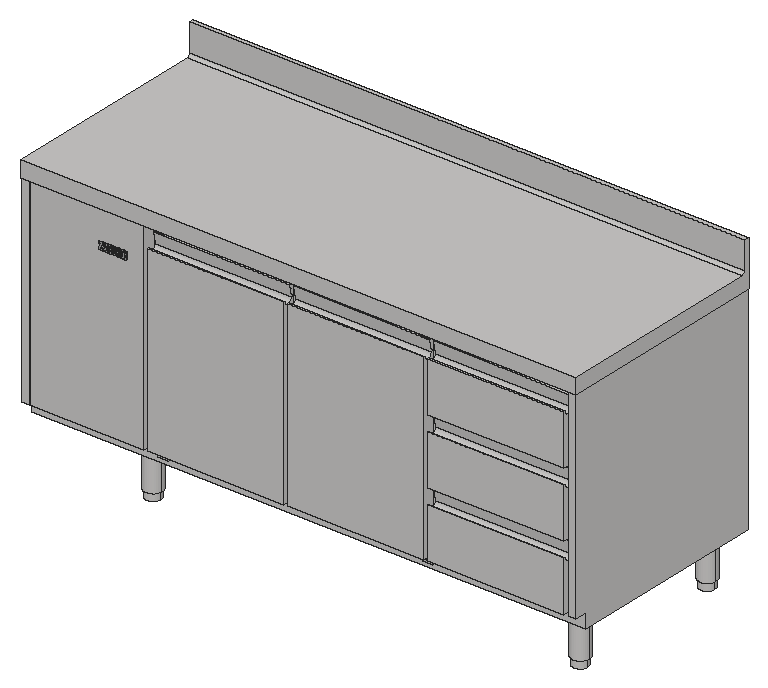
Revit family "QF_ZANUSSI_111044_ZH3H3AAC", category Specialty Equipment, Revit 2018 (continued)
Definition of nested family "ZAN_Cooling Unit"
  Lines and regions (mm)
    Split face 121
      outline origin (55.016, 2, -197.115) x (0, 0, 1) y (-1, 0, 0)
        loop
          line (510.649, 116.535) -> (510.649, 158.547)
    Split face 122
      outline origin (55.016, 2, -209.119) x (0, 0, 1) y (-1, 0, 0)
        loop
          arc (510.649, 158.547) -> (506.648, 162.548) -> (502.647, 158.547) r 4.001
          line (502.647, 158.547) -> (502.647, 116.535)
          arc (502.647, 116.535) -> (506.648, 112.533) -> (510.649, 116.535) r 4.001
          line (510.649, 116.535) -> (510.649, 158.547)
    Split face 123
      outline origin (55.016, 2, -221.122) x (0, 0, 1) y (-1, 0, 0)
        loop
          arc (510.649, 158.547) -> (506.648, 162.548) -> (502.647, 158.547) r 4.001
          line (502.647, 158.547) -> (502.647, 116.535)
          arc (502.647, 116.535) -> (506.648, 112.533) -> (510.649, 116.535) r 4.001
          line (510.649, 116.535) -> (510.649, 158.547)
    Split face 124
      outline origin (55.016, 2, -233.126) x (0, 0, 1) y (-1, 0, 0)
        loop
          arc (510.649, 158.547) -> (506.648, 162.548) -> (502.647, 158.547) r 4.001
          line (502.647, 158.547) -> (502.647, 116.535)
          arc (502.647, 116.535) -> (506.648, 112.533) -> (510.649, 116.535) r 4.001
          line (510.649, 116.535) -> (510.649, 158.547)
    Split face 125
      outline origin (55.016, 2, -245.129) x (0, 0, 1) y (-1, 0, 0)
        loop
          arc (510.649, 158.547) -> (506.648, 162.548) -> (502.647, 158.547) r 4.001
          line (502.647, 158.547) -> (502.647, 116.535)
          arc (502.647, 116.535) -> (506.648, 112.533) -> (510.649, 116.535) r 4.001
          line (510.649, 116.535) -> (510.649, 158.547)
    Split face 126
      outline origin (55.016, 2, -257.133) x (0, 0, 1) y (-1, 0, 0)
        loop
          arc (510.649, 158.547) -> (506.648, 162.548) -> (502.647, 158.547) r 4.001
          line (502.647, 158.547) -> (502.647, 116.535)
          arc (502.647, 116.535) -> (506.648, 112.533) -> (510.649, 116.535) r 4.001
          line (510.649, 116.535) -> (510.649, 158.547)
    Split face 127
      outline origin (55.016, 2, -269.136) x (0, 0, 1) y (-1, 0, 0)
        loop
          arc (510.649, 158.547) -> (506.648, 162.548) -> (502.647, 158.547) r 4.001
          line (502.647, 158.547) -> (502.647, 116.535)
          arc (502.647, 116.535) -> (506.648, 112.533) -> (510.649, 116.535) r 4.001
          line (510.649, 116.535) -> (510.649, 158.547)
    Split face 128
      outline origin (55.016, 2, -281.14) x (0, 0, 1) y (-1, 0, 0)
        loop
          arc (510.649, 158.547) -> (506.648, 162.548) -> (502.647, 158.547) r 4.001
          line (502.647, 158.547) -> (502.647, 116.535)
          arc (502.647, 116.535) -> (506.648, 112.533) -> (510.649, 116.535) r 4.001
          line (510.649, 116.535) -> (510.649, 158.547)
    Split face 129
      outline origin (55.016, 2, -293.144) x (0, 0, 1) y (-1, 0, 0)
        loop
          arc (510.649, 158.547) -> (506.648, 162.548) -> (502.647, 158.547) r 4.001
          line (502.647, 158.547) -> (502.647, 116.535)
          arc (502.647, 116.535) -> (506.648, 112.533) -> (510.649, 116.535) r 4.001
          line (510.649, 116.535) -> (510.649, 158.547)
    Split face 130
      outline origin (110.032, 2, -113.091) x (0, 0, 1) y (-1, 0, 0)
        loop
          arc (510.649, 158.547) -> (506.648, 162.548) -> (502.647, 158.547) r 4.001
          line (502.647, 158.547) -> (502.647, 116.535)
          arc (502.647, 116.535) -> (506.648, 112.533) -> (510.649, 116.535) r 4.001
          line (510.649, 116.535) -> (510.649, 158.547)
    Split face 131
      outline origin (110.032, 2, -125.094) x (0, 0, 1) y (-1, 0, 0)
        loop
          arc (510.649, 158.547) -> (506.648, 162.548) -> (502.647, 158.547) r 4.001
          line (502.647, 158.547) -> (502.647, 116.535)
          arc (502.647, 116.535) -> (506.648, 112.533) -> (510.649, 116.535) r 4.001
          line (510.649, 116.535) -> (510.649, 158.547)
    Split face 132
      outline origin (110.032, 2, -137.098) x (0, 0, 1) y (-1, 0, 0)
        loop
          arc (510.649, 158.547) -> (506.648, 162.548) -> (502.647, 158.547) r 4.001
          line (502.647, 158.547) -> (502.647, 116.535)
          arc (502.647, 116.535) -> (506.648, 112.533) -> (510.649, 116.535) r 4.001
          line (510.649, 116.535) -> (510.649, 158.547)
    Split face 133
      outline origin (110.032, 2, -149.101) x (0, 0, 1) y (-1, 0, 0)
        loop
          arc (510.649, 158.547) -> (506.648, 162.548) -> (502.647, 158.547) r 4.001
          line (502.647, 158.547) -> (502.647, 116.535)
          arc (502.647, 116.535) -> (506.648, 112.533) -> (510.649, 116.535) r 4.001
          line (510.649, 116.535) -> (510.649, 158.547)
    Split face 134
      outline origin (110.032, 2, -161.105) x (0, 0, 1) y (-1, 0, 0)
        loop
          arc (510.649, 158.547) -> (506.648, 162.548) -> (502.647, 158.547) r 4.001
          line (502.647, 158.547) -> (502.647, 116.535)
          arc (502.647, 116.535) -> (506.648, 112.533) -> (510.649, 116.535) r 4.001
          line (510.649, 116.535) -> (510.649, 158.547)
    Split face 135
      outline origin (110.032, 2, -173.108) x (0, 0, 1) y (-1, 0, 0)
        loop
          arc (510.649, 158.547) -> (506.648, 162.548) -> (502.647, 158.547) r 4.001
          line (502.647, 158.547) -> (502.647, 116.535)
          arc (502.647, 116.535) -> (506.648, 112.533) -> (510.649, 116.535) r 4.001
          line (510.649, 116.535) -> (510.649, 158.547)
    Split face 136
      outline origin (110.032, 2, -185.112) x (0, 0, 1) y (-1, 0, 0)
        loop
          arc (510.649, 158.547) -> (506.648, 162.548) -> (502.647, 158.547) r 4.001
          line (502.647, 158.547) -> (502.647, 116.535)
          arc (502.647, 116.535) -> (506.648, 112.533) -> (510.649, 116.535) r 4.001
          line (510.649, 116.535) -> (510.649, 158.547)
    Split face 137
      outline origin (110.032, 2, -197.115) x (0, 0, 1) y (-1, 0, 0)
        loop
          arc (510.649, 158.547) -> (506.648, 162.548) -> (502.647, 158.547) r 4.001
          line (502.647, 158.547) -> (502.647, 116.535)
          arc (502.647, 116.535) -> (506.648, 112.533) -> (510.649, 116.535) r 4.001
          line (510.649, 116.535) -> (510.649, 158.547)
    Split face 138
      outline origin (110.032, 2, -209.119) x (0, 0, 1) y (-1, 0, 0)
        loop
          arc (510.649, 158.547) -> (506.648, 162.548) -> (502.647, 158.547) r 4.001
          line (502.647, 158.547) -> (502.647, 116.535)
          arc (502.647, 116.535) -> (506.648, 112.533) -> (510.649, 116.535) r 4.001
          line (510.649, 116.535) -> (510.649, 158.547)
    Split face 139
      outline origin (110.032, 2, -221.122) x (0, 0, 1) y (-1, 0, 0)
        loop
          arc (510.649, 158.547) -> (506.648, 162.548) -> (502.647, 158.547) r 4.001
          line (502.647, 158.547) -> (502.647, 116.535)
          arc (502.647, 116.535) -> (506.648, 112.533) -> (510.649, 116.535) r 4.001
          line (510.649, 116.535) -> (510.649, 158.547)
    Split face 140
      outline origin (110.032, 2, -233.126) x (0, 0, 1) y (-1, 0, 0)
        loop
          arc (510.649, 158.547) -> (506.648, 162.548) -> (502.647, 158.547) r 4.001
          line (502.647, 158.547) -> (502.647, 116.535)
          arc (502.647, 116.535) -> (506.648, 112.533) -> (510.649, 116.535) r 4.001
          line (510.649, 116.535) -> (510.649, 158.547)
    Split face 141
      outline origin (110.032, 2, -245.129) x (0, 0, 1) y (-1, 0, 0)
        loop
          arc (510.649, 158.547) -> (506.648, 162.548) -> (502.647, 158.547) r 4.001
          line (502.647, 158.547) -> (502.647, 116.535)
          arc (502.647, 116.535) -> (506.648, 112.533) -> (510.649, 116.535) r 4.001
          line (510.649, 116.535) -> (510.649, 158.547)
    Split face 142
      outline origin (110.032, 2, -257.133) x (0, 0, 1) y (-1, 0, 0)
        loop
          arc (510.649, 158.547) -> (506.648, 162.548) -> (502.647, 158.547) r 4.001
          line (502.647, 158.547) -> (502.647, 116.535)
          arc (502.647, 116.535) -> (506.648, 112.533) -> (510.649, 116.535) r 4.001
          line (510.649, 116.535) -> (510.649, 158.547)
    Split face 143
      outline origin (110.032, 2, -269.136) x (0, 0, 1) y (-1, 0, 0)
        loop
          arc (510.649, 158.547) -> (506.648, 162.548) -> (502.647, 158.547) r 4.001
          line (502.647, 158.547) -> (502.647, 116.535)
          arc (502.647, 116.535) -> (506.648, 112.533) -> (510.649, 116.535) r 4.001
          line (510.649, 116.535) -> (510.649, 158.547)
    Split face 144
      outline origin (110.032, 2, -281.14) x (0, 0, 1) y (-1, 0, 0)
        loop
          arc (510.649, 158.547) -> (506.648, 162.548) -> (502.647, 158.547) r 4.001
          line (502.647, 158.547) -> (502.647, 116.535)
          arc (502.647, 116.535) -> (506.648, 112.533) -> (510.649, 116.535) r 4.001
          line (510.649, 116.535) -> (510.649, 158.547)
    Split face 145
      outline origin (110.032, 2, -293.144) x (0, 0, 1) y (-1, 0, 0)
        loop
          arc (510.649, 158.547) -> (506.648, 162.548) -> (502.647, 158.547) r 4.001
          line (502.647, 158.547) -> (502.647, 116.535)
          arc (502.647, 116.535) -> (506.648, 112.533) -> (510.649, 116.535) r 4.001
          line (510.649, 116.535) -> (510.649, 158.547)
    Split face 146
      outline origin (165.048, 2, -113.091) x (0, 0, 1) y (-1, 0, 0)
        loop
          arc (510.649, 158.547) -> (506.648, 162.548) -> (502.647, 158.547) r 4.001
          line (502.647, 158.547) -> (502.647, 116.535)
          arc (502.647, 116.535) -> (506.648, 112.533) -> (510.649, 116.535) r 4.001
          line (510.649, 116.535) -> (510.649, 158.547)
    Split face 147
      outline origin (165.048, 2, -125.094) x (0, 0, 1) y (-1, 0, 0)
        loop
          arc (510.649, 158.547) -> (506.648, 162.548) -> (502.647, 158.547) r 4.001
          line (502.647, 158.547) -> (502.647, 116.535)
          arc (502.647, 116.535) -> (506.648, 112.533) -> (510.649, 116.535) r 4.001
          line (510.649, 116.535) -> (510.649, 158.547)
    Split face 148
      outline origin (165.048, 2, -137.098) x (0, 0, 1) y (-1, 0, 0)
        loop
          arc (510.649, 158.547) -> (506.648, 162.548) -> (502.647, 158.547) r 4.001
          line (502.647, 158.547) -> (502.647, 116.535)
          arc (502.647, 116.535) -> (506.648, 112.533) -> (510.649, 116.535) r 4.001
          line (510.649, 116.535) -> (510.649, 158.547)
    Split face 149
      outline origin (165.048, 2, -149.101) x (0, 0, 1) y (-1, 0, 0)
        loop
          arc (510.649, 158.547) -> (506.648, 162.548) -> (502.647, 158.547) r 4.001
          line (502.647, 158.547) -> (502.647, 116.535)
          arc (502.647, 116.535) -> (506.648, 112.533) -> (510.649, 116.535) r 4.001
          line (510.649, 116.535) -> (510.649, 158.547)
    Split face 150
      outline origin (165.048, 2, -161.105) x (0, 0, 1) y (-1, 0, 0)
        loop
          arc (510.649, 158.547) -> (506.648, 162.548) -> (502.647, 158.547) r 4.001
          line (502.647, 158.547) -> (502.647, 116.535)
          arc (502.647, 116.535) -> (506.648, 112.533) -> (510.649, 116.535) r 4.001
          line (510.649, 116.535) -> (510.649, 158.547)
    Split face 151
      outline origin (165.048, 2, -173.108) x (0, 0, 1) y (-1, 0, 0)
        loop
          arc (510.649, 158.547) -> (506.648, 162.548) -> (502.647, 158.547) r 4.001
          line (502.647, 158.547) -> (502.647, 116.535)
          arc (502.647, 116.535) -> (506.648, 112.533) -> (510.649, 116.535) r 4.001
          line (510.649, 116.535) -> (510.649, 158.547)
    Split face 152
      outline origin (165.048, 2, -185.112) x (0, 0, 1) y (-1, 0, 0)
        loop
          arc (510.649, 158.547) -> (506.648, 162.548) -> (502.647, 158.547) r 4.001
          line (502.647, 158.547) -> (502.647, 116.535)
          arc (502.647, 116.535) -> (506.648, 112.533) -> (510.649, 116.535) r 4.001
          line (510.649, 116.535) -> (510.649, 158.547)
    Split face 153
      outline origin (165.048, 2, -197.115) x (0, 0, 1) y (-1, 0, 0)
        loop
          arc (510.649, 158.547) -> (506.648, 162.548) -> (502.647, 158.547) r 4.001
          line (502.647, 158.547) -> (502.647, 116.535)
          arc (502.647, 116.535) -> (506.648, 112.533) -> (510.649, 116.535) r 4.001
          line (510.649, 116.535) -> (510.649, 158.547)
    Split face 154
      outline origin (165.048, 2, -209.119) x (0, 0, 1) y (-1, 0, 0)
        loop
          arc (510.649, 158.547) -> (506.648, 162.548) -> (502.647, 158.547) r 4.001
          line (502.647, 158.547) -> (502.647, 116.535)
          arc (502.647, 116.535) -> (506.648, 112.533) -> (510.649, 116.535) r 4.001
          line (510.649, 116.535) -> (510.649, 158.547)
    Split face 155
      outline origin (165.048, 2, -221.122) x (0, 0, 1) y (-1, 0, 0)
        loop
          arc (510.649, 158.547) -> (506.648, 162.548) -> (502.647, 158.547) r 4.001
          line (502.647, 158.547) -> (502.647, 116.535)
          arc (502.647, 116.535) -> (506.648, 112.533) -> (510.649, 116.535) r 4.001
          line (510.649, 116.535) -> (510.649, 158.547)
    Split face 156
      outline origin (165.048, 2, -233.126) x (0, 0, 1) y (-1, 0, 0)
        loop
          arc (510.649, 158.547) -> (506.648, 162.548) -> (502.647, 158.547) r 4.001
          line (502.647, 158.547) -> (502.647, 116.535)
          arc (502.647, 116.535) -> (506.648, 112.533) -> (510.649, 116.535) r 4.001
          line (510.649, 116.535) -> (510.649, 158.547)
    Split face 157
      outline origin (165.048, 2, -245.129) x (0, 0, 1) y (-1, 0, 0)
        loop
          arc (510.649, 158.547) -> (506.648, 162.548) -> (502.647, 158.547) r 4.001
          line (502.647, 158.547) -> (502.647, 116.535)
          arc (502.647, 116.535) -> (506.648, 112.533) -> (510.649, 116.535) r 4.001
          line (510.649, 116.535) -> (510.649, 158.547)
    Split face 158
      outline origin (165.048, 2, -257.133) x (0, 0, 1) y (-1, 0, 0)
        loop
          arc (510.649, 158.547) -> (506.648, 162.548) -> (502.647, 158.547) r 4.001
          line (502.647, 158.547) -> (502.647, 116.535)
          arc (502.647, 116.535) -> (506.648, 112.533) -> (510.649, 116.535) r 4.001
          line (510.649, 116.535) -> (510.649, 158.547)
    Split face 159
      outline origin (165.048, 2, -269.136) x (0, 0, 1) y (-1, 0, 0)
        loop
          arc (510.649, 158.547) -> (506.648, 162.548) -> (502.647, 158.547) r 4.001
          line (502.647, 158.547) -> (502.647, 116.535)
          arc (502.647, 116.535) -> (506.648, 112.533) -> (510.649, 116.535) r 4.001
          line (510.649, 116.535) -> (510.649, 158.547)
    Split face 160
      outline origin (165.048, 2, -281.14) x (0, 0, 1) y (-1, 0, 0)
        loop
          arc (510.649, 158.547) -> (506.648, 162.548) -> (502.647, 158.547) r 4.001
          line (502.647, 158.547) -> (502.647, 116.535)
          arc (502.647, 116.535) -> (506.648, 112.533) -> (510.649, 116.535) r 4.001
          line (510.649, 116.535) -> (510.649, 158.547)
    Split face 161
      outline origin (165.048, 2, -293.144) x (0, 0, 1) y (-1, 0, 0)
        loop
          arc (510.649, 158.547) -> (506.648, 162.548) -> (502.647, 158.547) r 4.001
          line (502.647, 158.547) -> (502.647, 116.535)
          arc (502.647, 116.535) -> (506.648, 112.533) -> (510.649, 116.535) r 4.001
          line (510.649, 116.535) -> (510.649, 158.547)
    Split face 162
      outline origin (220.064, 2, -113.091) x (0, 0, 1) y (-1, 0, 0)
        loop
          arc (510.649, 158.547) -> (506.648, 162.548) -> (502.647, 158.547) r 4.001
          line (502.647, 158.547) -> (502.647, 116.535)
          arc (502.647, 116.535) -> (506.648, 112.533) -> (510.649, 116.535) r 4.001
          line (510.649, 116.535) -> (510.649, 158.547)
    Split face 163
      outline origin (220.064, 2, -125.094) x (0, 0, 1) y (-1, 0, 0)
        loop
          arc (510.649, 158.547) -> (506.648, 162.548) -> (502.647, 158.547) r 4.001
          line (502.647, 158.547) -> (502.647, 116.535)
          arc (502.647, 116.535) -> (506.648, 112.533) -> (510.649, 116.535) r 4.001
          line (510.649, 116.535) -> (510.649, 158.547)
    Split face 164
      outline origin (220.064, 2, -137.098) x (0, 0, 1) y (-1, 0, 0)
        loop
          arc (510.649, 158.547) -> (506.648, 162.548) -> (502.647, 158.547) r 4.001
          line (502.647, 158.547) -> (502.647, 116.535)
          arc (502.647, 116.535) -> (506.648, 112.533) -> (510.649, 116.535) r 4.001
          line (510.649, 116.535) -> (510.649, 158.547)
    Split face 165
      outline origin (220.064, 2, -149.101) x (0, 0, 1) y (-1, 0, 0)
        loop
          arc (510.649, 158.547) -> (506.648, 162.548) -> (502.647, 158.547) r 4.001
          line (502.647, 158.547) -> (502.647, 116.535)
          arc (502.647, 116.535) -> (506.648, 112.533) -> (510.649, 116.535) r 4.001
          line (510.649, 116.535) -> (510.649, 158.547)
    Split face 166
      outline origin (220.064, 2, -161.105) x (0, 0, 1) y (-1, 0, 0)
        loop
          arc (510.649, 158.547) -> (506.648, 162.548) -> (502.647, 158.547) r 4.001
          line (502.647, 158.547) -> (502.647, 116.535)
          arc (502.647, 116.535) -> (506.648, 112.533) -> (510.649, 116.535) r 4.001
          line (510.649, 116.535) -> (510.649, 158.547)
    Split face 167
      outline origin (220.064, 2, -173.108) x (0, 0, 1) y (-1, 0, 0)
        loop
          arc (510.649, 158.547) -> (506.648, 162.548) -> (502.647, 158.547) r 4.001
          line (502.647, 158.547) -> (502.647, 116.535)
          arc (502.647, 116.535) -> (506.648, 112.533) -> (510.649, 116.535) r 4.001
          line (510.649, 116.535) -> (510.649, 158.547)
    Split face 168
      outline origin (220.064, 2, -185.112) x (0, 0, 1) y (-1, 0, 0)
        loop
          arc (510.649, 158.547) -> (506.648, 162.548) -> (502.647, 158.547) r 4.001
          line (502.647, 158.547) -> (502.647, 116.535)
          arc (502.647, 116.535) -> (506.648, 112.533) -> (510.649, 116.535) r 4.001
          line (510.649, 116.535) -> (510.649, 158.547)
    Split face 169
      outline origin (220.064, 2, -197.115) x (0, 0, 1) y (-1, 0, 0)
        loop
          arc (510.649, 158.547) -> (506.648, 162.548) -> (502.647, 158.547) r 4.001
          line (502.647, 158.547) -> (502.647, 116.535)
          arc (502.647, 116.535) -> (506.648, 112.533) -> (510.649, 116.535) r 4.001
          line (510.649, 116.535) -> (510.649, 158.547)
    Split face 170
      outline origin (220.064, 2, -209.119) x (0, 0, 1) y (-1, 0, 0)
        loop
          arc (510.649, 158.547) -> (506.648, 162.548) -> (502.647, 158.547) r 4.001
          line (502.647, 158.547) -> (502.647, 116.535)
          arc (502.647, 116.535) -> (506.648, 112.533) -> (510.649, 116.535) r 4.001
          line (510.649, 116.535) -> (510.649, 158.547)
    Split face 171
      outline origin (220.064, 2, -221.122) x (0, 0, 1) y (-1, 0, 0)
        loop
          arc (510.649, 158.547) -> (506.648, 162.548) -> (502.647, 158.547) r 4.001
          line (502.647, 158.547) -> (502.647, 116.535)
          arc (502.647, 116.535) -> (506.648, 112.533) -> (510.649, 116.535) r 4.001
          line (510.649, 116.535) -> (510.649, 158.547)
    Split face 172
      outline origin (220.064, 2, -233.126) x (0, 0, 1) y (-1, 0, 0)
        loop
          arc (510.649, 158.547) -> (506.648, 162.548) -> (502.647, 158.547) r 4.001
          line (502.647, 158.547) -> (502.647, 116.535)
          arc (502.647, 116.535) -> (506.648, 112.533) -> (510.649, 116.535) r 4.001
          line (510.649, 116.535) -> (510.649, 158.547)
    Split face 173
      outline origin (220.064, 2, -245.129) x (0, 0, 1) y (-1, 0, 0)
        loop
          arc (510.649, 158.547) -> (506.648, 162.548) -> (502.647, 158.547) r 4.001
          line (502.647, 158.547) -> (502.647, 116.535)
          arc (502.647, 116.535) -> (506.648, 112.533) -> (510.649, 116.535) r 4.001
          line (510.649, 116.535) -> (510.649, 158.547)
    Split face 174
      outline origin (220.064, 2, -257.133) x (0, 0, 1) y (-1, 0, 0)
        loop
          arc (510.649, 158.547) -> (506.648, 162.548) -> (502.647, 158.547) r 4.001
          line (502.647, 158.547) -> (502.647, 116.535)
          arc (502.647, 116.535) -> (506.648, 112.533) -> (510.649, 116.535) r 4.001
          line (510.649, 116.535) -> (510.649, 158.547)
    Split face 175
      outline origin (220.064, 2, -269.136) x (0, 0, 1) y (-1, 0, 0)
        loop
          arc (510.649, 158.547) -> (506.648, 162.548) -> (502.647, 158.547) r 4.001
          line (502.647, 158.547) -> (502.647, 116.535)
          arc (502.647, 116.535) -> (506.648, 112.533) -> (510.649, 116.535) r 4.001
          line (510.649, 116.535) -> (510.649, 158.547)
    Split face 176
      outline origin (220.064, 2, -281.14) x (0, 0, 1) y (-1, 0, 0)
        loop
          arc (510.649, 158.547) -> (506.648, 162.548) -> (502.647, 158.547) r 4.001
          line (502.647, 158.547) -> (502.647, 116.535)
          arc (502.647, 116.535) -> (506.648, 112.533) -> (510.649, 116.535) r 4.001
          line (510.649, 116.535) -> (510.649, 158.547)
    Split face 177
      outline origin (220.064, 2, -293.144) x (0, 0, 1) y (-1, 0, 0)
        loop
          arc (510.649, 158.547) -> (506.648, 162.548) -> (502.647, 158.547) r 4.001
          line (502.647, 158.547) -> (502.647, 116.535)
          arc (502.647, 116.535) -> (506.648, 112.533) -> (510.649, 116.535) r 4.001
          line (510.649, 116.535) -> (510.649, 158.547)
    Split face 178
      outline origin (275.081, 2, -113.091) x (0, 0, 1) y (-1, 0, 0)
        loop
          arc (510.649, 158.547) -> (506.648, 162.548) -> (502.647, 158.547) r 4.001
          line (502.647, 158.547) -> (502.647, 116.535)
          arc (502.647, 116.535) -> (506.648, 112.533) -> (510.649, 116.535) r 4.001
          line (510.649, 116.535) -> (510.649, 158.547)
    Split face 179
      outline origin (275.081, 2, -125.094) x (0, 0, 1) y (-1, 0, 0)
        loop
          arc (510.649, 158.547) -> (506.648, 162.548) -> (502.647, 158.547) r 4.001
          line (502.647, 158.547) -> (502.647, 116.535)
          arc (502.647, 116.535) -> (506.648, 112.533) -> (510.649, 116.535) r 4.001
          line (510.649, 116.535) -> (510.649, 158.547)
    Split face 180
      outline origin (275.081, 2, -137.098) x (0, 0, 1) y (-1, 0, 0)
        loop
          arc (510.649, 158.547) -> (506.648, 162.548) -> (502.647, 158.547) r 4.001
          line (502.647, 158.547) -> (502.647, 116.535)
          arc (502.647, 116.535) -> (506.648, 112.533) -> (510.649, 116.535) r 4.001
          line (510.649, 116.535) -> (510.649, 158.547)
    Split face 181
      outline origin (275.081, 2, -149.101) x (0, 0, 1) y (-1, 0, 0)
        loop
          arc (510.649, 158.547) -> (506.648, 162.548) -> (502.647, 158.547) r 4.001
          line (502.647, 158.547) -> (502.647, 116.535)
          arc (502.647, 116.535) -> (506.648, 112.533) -> (510.649, 116.535) r 4.001
          line (510.649, 116.535) -> (510.649, 158.547)
    Split face 182
      outline origin (275.081, 2, -161.105) x (0, 0, 1) y (-1, 0, 0)
        loop
          arc (510.649, 158.547) -> (506.648, 162.548) -> (502.647, 158.547) r 4.001
          line (502.647, 158.547) -> (502.647, 116.535)
          arc (502.647, 116.535) -> (506.648, 112.533) -> (510.649, 116.535) r 4.001
          line (510.649, 116.535) -> (510.649, 158.547)
    Split face 183
      outline origin (275.081, 2, -173.108) x (0, 0, 1) y (-1, 0, 0)
        loop
          arc (510.649, 158.547) -> (506.648, 162.548) -> (502.647, 158.547) r 4.001
          line (502.647, 158.547) -> (502.647, 116.535)
          arc (502.647, 116.535) -> (506.648, 112.533) -> (510.649, 116.535) r 4.001
          line (510.649, 116.535) -> (510.649, 158.547)
    Split face 184
      outline origin (275.081, 2, -185.112) x (0, 0, 1) y (-1, 0, 0)
        loop
          arc (510.649, 158.547) -> (506.648, 162.548) -> (502.647, 158.547) r 4.001
          line (502.647, 158.547) -> (502.647, 116.535)
          arc (502.647, 116.535) -> (506.648, 112.533) -> (510.649, 116.535) r 4.001
          line (510.649, 116.535) -> (510.649, 158.547)
    Split face 185
      outline origin (275.081, 2, -197.115) x (0, 0, 1) y (-1, 0, 0)
        loop
          arc (510.649, 158.547) -> (506.648, 162.548) -> (502.647, 158.547) r 4.001
          line (502.647, 158.547) -> (502.647, 116.535)
          arc (502.647, 116.535) -> (506.648, 112.533) -> (510.649, 116.535) r 4.001
          line (510.649, 116.535) -> (510.649, 158.547)
    Split face 186
      outline origin (275.081, 2, -209.119) x (0, 0, 1) y (-1, 0, 0)
        loop
          arc (510.649, 158.547) -> (506.648, 162.548) -> (502.647, 158.547) r 4.001
          line (502.647, 158.547) -> (502.647, 116.535)
          arc (502.647, 116.535) -> (506.648, 112.533) -> (510.649, 116.535) r 4.001
          line (510.649, 116.535) -> (510.649, 158.547)
    Split face 187
      outline origin (275.081, 2, -221.122) x (0, 0, 1) y (-1, 0, 0)
        loop
          arc (510.649, 158.547) -> (506.648, 162.548) -> (502.647, 158.547) r 4.001
          line (502.647, 158.547) -> (502.647, 116.535)
          arc (502.647, 116.535) -> (506.648, 112.533) -> (510.649, 116.535) r 4.001
          line (510.649, 116.535) -> (510.649, 158.547)
    Split face 188
      outline origin (275.081, 2, -233.126) x (0, 0, 1) y (-1, 0, 0)
        loop
          arc (510.649, 158.547) -> (506.648, 162.548) -> (502.647, 158.547) r 4.001
          line (502.647, 158.547) -> (502.647, 116.535)
          arc (502.647, 116.535) -> (506.648, 112.533) -> (510.649, 116.535) r 4.001
          line (510.649, 116.535) -> (510.649, 158.547)
    Split face 189
      outline origin (275.081, 2, -245.129) x (0, 0, 1) y (-1, 0, 0)
        loop
          arc (510.649, 158.547) -> (506.648, 162.548) -> (502.647, 158.547) r 4.001
          line (502.647, 158.547) -> (502.647, 116.535)
          arc (502.647, 116.535) -> (506.648, 112.533) -> (510.649, 116.535) r 4.001
          line (510.649, 116.535) -> (510.649, 158.547)
    Split face 190
      outline origin (275.081, 2, -257.133) x (0, 0, 1) y (-1, 0, 0)
        loop
          arc (510.649, 158.547) -> (506.648, 162.548) -> (502.647, 158.547) r 4.001
          line (502.647, 158.547) -> (502.647, 116.535)
          arc (502.647, 116.535) -> (506.648, 112.533) -> (510.649, 116.535) r 4.001
          line (510.649, 116.535) -> (510.649, 158.547)
    Split face 191
      outline origin (275.081, 2, -269.136) x (0, 0, 1) y (-1, 0, 0)
        loop
          arc (510.649, 158.547) -> (506.648, 162.548) -> (502.647, 158.547) r 4.001
          line (502.647, 158.547) -> (502.647, 116.535)
          arc (502.647, 116.535) -> (506.648, 112.533) -> (510.649, 116.535) r 4.001
          line (510.649, 116.535) -> (510.649, 158.547)
    Split face 192
      outline origin (275.081, 2, -281.14) x (0, 0, 1) y (-1, 0, 0)
        loop
          arc (510.649, 158.547) -> (506.648, 162.548) -> (502.647, 158.547) r 4.001
          line (502.647, 158.547) -> (502.647, 116.535)
          arc (502.647, 116.535) -> (506.648, 112.533) -> (510.649, 116.535) r 4.001
          line (510.649, 116.535) -> (510.649, 158.547)
    Split face 193
      outline origin (275.081, 2, -293.144) x (0, 0, 1) y (-1, 0, 0)
        loop
          arc (510.649, 158.547) -> (506.648, 162.548) -> (502.647, 158.547) r 4.001
          line (502.647, 158.547) -> (502.647, 116.535)
          arc (502.647, 116.535) -> (506.648, 112.533) -> (510.649, 116.535) r 4.001
          line (510.649, 116.535) -> (510.649, 158.547)
    Split face 194
      outline origin (0, 2, 197) x (0, 0, 1) y (-1, 0, 0)
        loop
          spline (566.835, 20.381) -> (564.628, 19.058) -> (561.987, 18.027) -> (558.955, 17.386) -> (555.581, 17.244) -> (551.912, 17.703) -> (547.993, 18.863) -> (543.871, 20.83) -> (539.591, 23.706) -> (535.202, 27.594) -> (530.748, 32.597) -> (526.28, 38.824) -> (521.835, 46.362)
        loop
          spline (521.835, 58.392) -> (525.386, 49.242) -> (529.197, 41.481) -> (533.2, 35.023) -> (537.329, 29.786) -> (541.516, 25.684) -> (545.695, 22.634) -> (549.798, 20.552) -> (553.759, 19.355) -> (557.511, 18.958) -> (560.984, 19.275) -> (564.115, 20.227) -> (566.835, 21.726)
    Split face 195
      outline origin (0, 2, 197) x (0, 0, 1) y (-1, 0, 0)
        loop
          line (555.835, 149.5) -> (532.835, 149.5) -> (532.835, 94.5) -> (555.835, 94.5) -> (555.835, 149.5)
  Dimensions and locks
    aligned and locked: level to plane 2
  Nested families
    nested 1: "ZAN_Logo_S_Grey" at (85, 2, 741.213) x (1, 0, 0) z (0, -1, 0), visible <- "Show Logo", type "ZAN_Logo_S_Grey"
  Definition of nested family "ZAN_Logo_S_Grey"
    Parameters
      Default Elevation = 0 mm
    Reference planes
      plane 1 "Centro (Fronte/Retro)": y = 0
      plane 2: z = 0
      plane 3 "Centro (Sinistra/Destra)": x = 0
    Forms (mm)
      Extrusion 1, solid
        sketch origin (0, 0, 0) x (1, 0, 0) y (0, 1, 0)
          loop
            line (-1219.2, 1219.2) -> (-1219.2, -1219.2) -> (1219.2, -1219.2) -> (1219.2, 1219.2) -> (-1219.2, 1219.2)
        from 0 to -304.8
      Extrusion 2, solid
        sketch origin (17.793, -46.218, 0) x (-1, 0, 0) y (0, -1, 0)
          loop
            spline (-4.176, -58.079) -> (-3.496, -58.328) -> (-2.793, -58.512) -> (-2.075, -58.63) -> (-1.348, -58.682) -> (-0.619, -58.669) -> (0.106, -58.588) -> (0.818, -58.44) -> (1.512, -58.225) -> (2.18, -57.941) -> (2.817, -57.589) -> (3.414, -57.167) -> (3.966, -56.676)
            spline (3.966, -56.676) -> (4.293, -56.162) -> (4.575, -55.61) -> (4.81, -55.026) -> (5, -54.419) -> (5.146, -53.797) -> (5.247, -53.166) -> (5.304, -52.536) -> (5.318, -51.913) -> (5.288, -51.306) -> (5.217, -50.723) -> (5.103, -50.17) -> (4.949, -49.657)
            line (4.949, -49.657) -> (2.702, -46.428) -> (0.316, -44.323)
            spline (0.316, -44.323) -> (0.065, -44.115) -> (-0.195, -43.909) -> (-0.46, -43.704) -> (-0.729, -43.496) -> (-0.997, -43.282) -> (-1.263, -43.059) -> (-1.523, -42.825) -> (-1.774, -42.576) -> (-2.013, -42.309) -> (-2.238, -42.022) -> (-2.445, -41.712) -> (-2.632, -41.375)
            spline (-2.632, -41.375) -> (-2.666, -41.159) -> (-2.697, -40.934) -> (-2.722, -40.701) -> (-2.736, -40.465) -> (-2.736, -40.227) -> (-2.72, -39.989) -> (-2.682, -39.754) -> (-2.621, -39.524) -> (-2.533, -39.302) -> (-2.414, -39.091) -> (-2.261, -38.892) -> (-2.07, -38.708)
            line (-2.07, -38.708) -> (-0.245, -38.567)
            spline (-0.245, -38.567) -> (0.096, -38.8) -> (0.354, -39.074) -> (0.54, -39.381) -> (0.664, -39.716) -> (0.738, -40.073) -> (0.772, -40.445) -> (0.777, -40.825) -> (0.763, -41.208) -> (0.742, -41.588) -> (0.723, -41.957) -> (0.718, -42.309) -> (0.737, -42.638)
            line (0.737, -42.638) -> (5.65, -42.638)
            spline (5.65, -42.638) -> (5.708, -42.042) -> (5.741, -41.448) -> (5.747, -40.857) -> (5.723, -40.273) -> (5.668, -39.696) -> (5.58, -39.129) -> (5.457, -38.574) -> (5.297, -38.032) -> (5.098, -37.506) -> (4.857, -36.997) -> (4.574, -36.508) -> (4.247, -36.041)
            spline (4.247, -36.041) -> (3.844, -35.675) -> (3.409, -35.35) -> (2.946, -35.065) -> (2.458, -34.819) -> (1.949, -34.612) -> (1.421, -34.444) -> (0.88, -34.314) -> (0.326, -34.221) -> (-0.234, -34.165) -> (-0.8, -34.146) -> (-1.366, -34.163) -> (-1.93, -34.216)
            spline (-1.93, -34.216) -> (-2.526, -34.309) -> (-3.116, -34.448) -> (-3.695, -34.633) -> (-4.259, -34.861) -> (-4.801, -35.131) -> (-5.316, -35.444) -> (-5.799, -35.798) -> (-6.245, -36.191) -> (-6.648, -36.624) -> (-7.002, -37.095) -> (-7.303, -37.603) -> (-7.545, -38.146)
            spline (-7.545, -38.146) -> (-7.694, -38.815) -> (-7.792, -39.487) -> (-7.839, -40.158) -> (-7.836, -40.824) -> (-7.785, -41.482) -> (-7.685, -42.129) -> (-7.539, -42.762) -> (-7.347, -43.377) -> (-7.111, -43.97) -> (-6.83, -44.538) -> (-6.506, -45.078) -> (-6.141, -45.586)
            line (-6.141, -45.586) -> (-0.526, -50.64) -> (0.176, -51.482)
            spline (0.176, -51.482) -> (0.248, -51.66) -> (0.323, -51.843) -> (0.397, -52.03) -> (0.467, -52.22) -> (0.529, -52.412) -> (0.579, -52.605) -> (0.615, -52.798) -> (0.633, -52.989) -> (0.63, -53.179) -> (0.601, -53.366) -> (0.545, -53.55) -> (0.456, -53.728)
            spline (0.456, -53.728) -> (0.375, -53.892) -> (0.273, -54.034) -> (0.154, -54.155) -> (0.02, -54.258) -> (-0.126, -54.343) -> (-0.28, -54.412) -> (-0.441, -54.466) -> (-0.604, -54.508) -> (-0.767, -54.537) -> (-0.928, -54.556) -> (-1.082, -54.567) -> (-1.228, -54.57)
            line (-1.228, -54.57) -> (-2.632, -53.587) -> (-2.772, -50.64) -> (-7.405, -50.64)
            spline (-7.405, -50.64) -> (-7.41, -51.031) -> (-7.423, -51.432) -> (-7.44, -51.839) -> (-7.456, -52.251) -> (-7.469, -52.665) -> (-7.475, -53.079) -> (-7.468, -53.489) -> (-7.446, -53.894) -> (-7.404, -54.291) -> (-7.339, -54.679) -> (-7.247, -55.053) -> (-7.123, -55.412)
            spline (-7.123, -55.412) -> (-6.999, -55.693) -> (-6.837, -55.97) -> (-6.643, -56.244) -> (-6.422, -56.509) -> (-6.177, -56.765) -> (-5.913, -57.009) -> (-5.634, -57.238) -> (-5.346, -57.45) -> (-5.051, -57.643) -> (-4.755, -57.814) -> (-4.462, -57.96) -> (-4.176, -58.079)
          loop
            spline (-21.021, -55.552) -> (-20.633, -56.181) -> (-20.177, -56.736) -> (-19.661, -57.217) -> (-19.092, -57.627) -> (-18.478, -57.966) -> (-17.827, -58.237) -> (-17.147, -58.441) -> (-16.446, -58.578) -> (-15.73, -58.652) -> (-15.009, -58.662) -> (-14.29, -58.611) -> (-13.581, -58.5)
            spline (-13.581, -58.5) -> (-13.088, -58.407) -> (-12.595, -58.269) -> (-12.109, -58.088) -> (-11.636, -57.866) -> (-11.183, -57.605) -> (-10.756, -57.307) -> (-10.361, -56.974) -> (-10.004, -56.608) -> (-9.692, -56.211) -> (-9.431, -55.784) -> (-9.228, -55.33) -> (-9.089, -54.851)
            spline (-9.089, -54.851) -> (-8.873, -54.211) -> (-8.715, -53.559) -> (-8.615, -52.901) -> (-8.574, -52.241) -> (-8.592, -51.585) -> (-8.668, -50.938) -> (-8.802, -50.306) -> (-8.995, -49.693) -> (-9.247, -49.106) -> (-9.557, -48.55) -> (-9.925, -48.03) -> (-10.352, -47.551)
            line (-10.352, -47.551) -> (-15.546, -42.919) -> (-16.669, -41.234)
            spline (-16.669, -41.234) -> (-16.704, -41.021) -> (-16.735, -40.804) -> (-16.761, -40.583) -> (-16.778, -40.361) -> (-16.784, -40.139) -> (-16.774, -39.919) -> (-16.748, -39.701) -> (-16.7, -39.488) -> (-16.63, -39.28) -> (-16.533, -39.08) -> (-16.406, -38.889) -> (-16.248, -38.708)
            line (-16.248, -38.708) -> (-14.844, -38.427)
            spline (-14.844, -38.427) -> (-14.347, -38.545) -> (-13.969, -38.749) -> (-13.695, -39.028) -> (-13.508, -39.368) -> (-13.393, -39.757) -> (-13.335, -40.182) -> (-13.318, -40.63) -> (-13.326, -41.089) -> (-13.344, -41.546) -> (-13.356, -41.988) -> (-13.347, -42.403) -> (-13.3, -42.779)
            line (-13.3, -42.779) -> (-8.387, -42.638)
            spline (-8.387, -42.638) -> (-8.326, -42.034) -> (-8.288, -41.417) -> (-8.277, -40.794) -> (-8.299, -40.169) -> (-8.357, -39.548) -> (-8.457, -38.936) -> (-8.604, -38.339) -> (-8.803, -37.762) -> (-9.058, -37.21) -> (-9.375, -36.689) -> (-9.758, -36.204) -> (-10.212, -35.76)
            spline (-10.212, -35.76) -> (-10.793, -35.336) -> (-11.409, -34.976) -> (-12.054, -34.679) -> (-12.723, -34.445) -> (-13.409, -34.273) -> (-14.107, -34.163) -> (-14.811, -34.115) -> (-15.515, -34.127) -> (-16.213, -34.2) -> (-16.899, -34.333) -> (-17.568, -34.526) -> (-18.213, -34.777)
            spline (-18.213, -34.777) -> (-18.496, -34.897) -> (-18.783, -35.044) -> (-19.071, -35.216) -> (-19.357, -35.412) -> (-19.639, -35.629) -> (-19.915, -35.865) -> (-20.182, -36.119) -> (-20.438, -36.389) -> (-20.681, -36.672) -> (-20.907, -36.967) -> (-21.115, -37.272) -> (-21.301, -37.585)
            spline (-21.301, -37.585) -> (-21.55, -38.26) -> (-21.734, -38.948) -> (-21.854, -39.647) -> (-21.91, -40.351) -> (-21.901, -41.057) -> (-21.828, -41.761) -> (-21.69, -42.459) -> (-21.489, -43.148) -> (-21.222, -43.823) -> (-20.892, -44.48) -> (-20.497, -45.116) -> (-20.038, -45.726)
            line (-20.038, -45.726) -> (-14.142, -51.061) -> (-13.44, -52.886) -> (-14.002, -54.289) -> (-15.265, -54.57) -> (-16.669, -53.587) -> (-16.81, -50.78) -> (-21.582, -50.64)
            spline (-21.582, -50.64) -> (-21.558, -51.063) -> (-21.55, -51.491) -> (-21.554, -51.92) -> (-21.561, -52.35) -> (-21.567, -52.778) -> (-21.565, -53.201) -> (-21.547, -53.619) -> (-21.509, -54.029) -> (-21.444, -54.43) -> (-21.345, -54.818) -> (-21.206, -55.193) -> (-21.021, -55.552)
          loop
            line (-22.424, -34.216) -> (-27.337, -34.216) -> (-27.337, -58.22) -> (-22.424, -58.22) -> (-22.424, -34.216)
          loop
            line (14.213, -39.971) -> (14.213, -58.22) -> (19.126, -58.22) -> (19.126, -42.077) -> (18.845, -38.146) -> (18.424, -37.164) -> (17.442, -35.9) -> (16.459, -35.199) -> (14.494, -34.356) -> (13.511, -34.216) -> (11.265, -34.216) -> (10.142, -34.497) -> (8.458, -35.479) -> (6.493, -38.287) -> (6.352, -39.269) -> (6.352, -58.22) -> (11.265, -58.22) -> (11.265, -40.392) -> (11.827, -39.129) -> (13.371, -38.988) -> (14.213, -39.971)
          loop
            line (20.249, -58.22) -> (24.741, -58.22) -> (24.741, -42.919) -> (28.812, -58.22) -> (34.006, -58.22) -> (34.006, -34.216) -> (29.654, -34.216) -> (29.654, -50.078) -> (25.583, -34.216) -> (20.249, -34.216) -> (20.249, -58.22)
          loop
            line (50.149, -58.22) -> (62.361, -58.22) -> (62.361, -53.728) -> (55.904, -53.868) -> (62.923, -39.129) -> (62.923, -34.216) -> (50.149, -34.216) -> (50.149, -39.129) -> (57.517, -39.129) -> (50.149, -54.149) -> (50.149, -58.22)
          loop
            line (38.778, -58.22) -> (45.516, -58.22) -> (49.868, -34.216) -> (44.814, -34.216) -> (44.113, -38.848) -> (40.042, -38.848) -> (39.34, -34.216) -> (34.286, -34.216) -> (38.778, -58.22)
          loop
            line (43.551, -43.2) -> (40.744, -43.2) -> (42.147, -54.117) -> (43.551, -43.2)
        from 0 to 1.644
    Dimensions and locks
      aligned and locked: plane 2 to Extrusion 1
      aligned and locked: level to Extrusion 1
Definition of nested family "Refrigerator"
  Reference planes
    plane 1 "Center (Front/Back)": y = 0
    plane 2: z = 0
    plane 3 "Center (Left/Right)": x = 0
  Lines and regions (mm)
    detail lines, in view "Ref. Level"
      curve 1: spline (-500, 190, 0) -> (-493.185, 166.706, 0) -> (-473.205, 145, 0) -> (-441.421, 126.36, 0) -> (-400, 112.058, 0) -> (-351.764, 103.067, 0) -> (-300, 100, 0) -> (-248.236, 103.067, 0) -> (-200, 112.058, 0) -> (-158.579, 126.36, 0) -> (-126.795, 145, 0) -> (-106.815, 166.706, 0) -> (-100, 190, 0) -> (-106.815, 213.294, 0) -> (-126.795, 235, 0) -> (-158.579, 253.64, 0) -> (-200, 267.942, 0) -> (-248.236, 276.933, 0) -> (-300, 280, 0) -> (-351.764, 276.933, 0) -> (-400, 267.942, 0) -> (-441.421, 253.64, 0) -> (-473.205, 235, 0) -> (-493.185, 213.294, 0) -> (-500, 190, 0)
      curve 2: line (-300, 130, 0) -> (-300, 250, 0)
      curve 3: line (-351.962, 220, 0) -> (-248.038, 160, 0)
      curve 4: line (-351.962, 160, 0) -> (-248.038, 220, 0)
      curve 5: line (-280.884, 246.873, 0) -> (-300, 225, 0)
      curve 6: line (-300, 225, 0) -> (-319.116, 246.873, 0)
      curve 7: line (-330.311, 207.5, 0) -> (-339.696, 234.992, 0)
      curve 8: line (-358.812, 201.882, 0) -> (-330.311, 207.5, 0)
      curve 9: line (-330.311, 172.5, 0) -> (-358.812, 178.118, 0)
      curve 10: line (-339.696, 145.008, 0) -> (-330.311, 172.5, 0)
      curve 11: line (-300, 155, 0) -> (-319.116, 133.127, 0)
      curve 12: line (-280.884, 133.127, 0) -> (-300, 155, 0)
      curve 13: line (-269.689, 172.5, 0) -> (-260.304, 145.008, 0)
      curve 14: line (-241.188, 178.118, 0) -> (-269.689, 172.5, 0)
      curve 15: line (-269.689, 207.5, 0) -> (-241.188, 201.882, 0)
      curve 16: line (-260.304, 234.992, 0) -> (-269.689, 207.5, 0)
